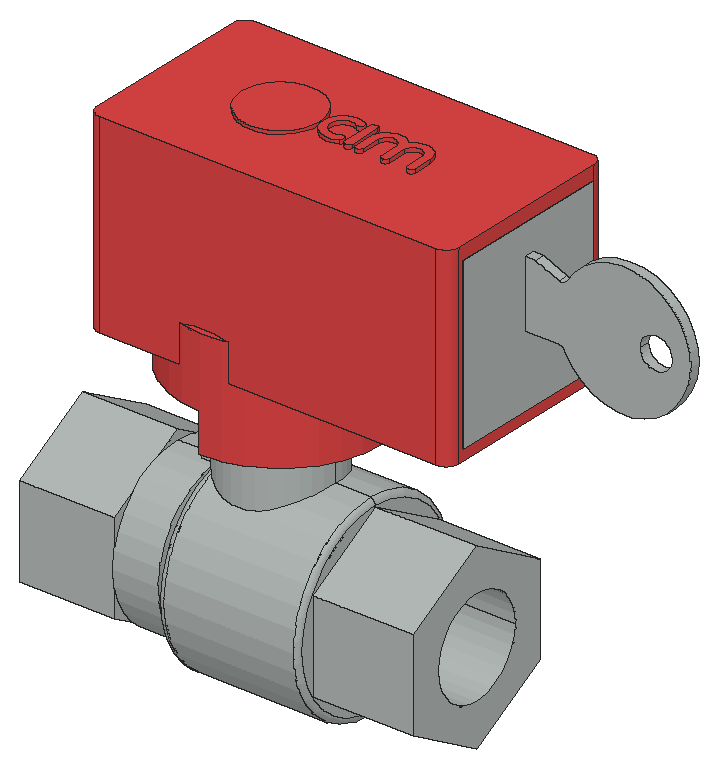
Revit family "QA00760000", category Apparecchi idraulici, Revit 2020
Family settings
  Quota connettore circolare = Usa diametro
  Tipo di parte = Normale
  Numero OmniClass = 23.45.00.00
  Titolo OmniClass = Sanitary, Laundry, and Cleaning Equipment
  Basato su piano di lavoro = No
  Sempre verticale = Sì
  Taglio con vuoti quando caricato = No
  Condiviso = No
  Punto di calcolo locali = No
Parameters
  URL = "https://web.cimberio.com/index.php/figura/103?subcategoria_id="
  Temperatura di esercizio = "-20 ÷ 150°C"
  Prospetto di default = 0 mm
  Produttore = "CIMBERIO SPA"
  Pressione nominale = "PN 80 (1/2\"); PN 50 (3/4\" ÷ 1\")"
  Modello = "Cim 12SI"
  Materiale = "Prodotto in lega di ottone conforme alla norma EN 12165-CW617N-DW"
  Descrizione = "Utilizzato nei più svariati settori dell'impiantistica: impianti di riscaldamento, condizionamento, idrici, igienico-sanitari, aria compressa e in generale con ogni fluido non corrosivo"
  DN Model [instance] = QA00761015 : QA00761015
  DN [instance] = 15 mm
  Commenti sul tipo = "Realizzato in ottemperanza ai requisiti gestionali della norma EN ISO 9001.\r\nCollaudato al 100% secondo la normativa EN 12266-1"
Reference planes
  plane 1 "Centro (Fronte/Retro)": y = 0
  plane 2: z = 0
  plane 3 "Centro (Sinistra/Destra)": x = 0
Dimensions and locks
  aligned and locked: level to plane 2
Nested families
  nested 1: "QA00761015" at (0, 0, 0), type <- "DN Model", type "QA00761015"
  nested 2: "QA00761015" at (0, 0, 0), type <- "DN Model", type "QA00761015"
  nested 3: "QA00761015" at (0, 0, 0), type <- "DN Model", type "QA00761015"
Connectors
  piping at (30.3, 0, 0), diameter 15, driven by "DN"
    settings: on nested 1, index 1, connector inside diameter 609.6 mm, connector length 0 mm, flow factor 0, pipe flow 0.0 L/s, pressure drop 0.0 Pa, fitting loss kfactor 0, connector angle 0.00°, fixture units 0, engagement length 0 mm, angle of deflection 0.00°, flow configuration 0, flow direction 0, fitting loss method 0, system type 7, joint type 0, gender type 0, connector reference index -1, connector utility 0, adjustable connector no, is connector primary yes, connector description ""
  piping at (-30.6, 0, 0), diameter 15, driven by "DN"
    settings: on nested 1, index 2, connector inside diameter 609.6 mm, connector length 0 mm, flow factor 0, pipe flow 0.0 L/s, pressure drop 0.0 Pa, fitting loss kfactor 0, connector angle 0.00°, fixture units 0, engagement length 0 mm, angle of deflection 0.00°, flow configuration 0, flow direction 0, fitting loss method 0, system type 7, joint type 0, gender type 0, connector reference index -1, connector utility 0, adjustable connector no, is connector primary no, connector description ""
Definition of nested family "QA00761015"
  Parameters (values of type "QA00761015")
    Default Elevation = 0 mm
  Reference planes
    plane 1 "Centro (Fronte/Retro)": y = 0
    plane 2: z = 0
    plane 3 "Centro (Sinistra/Destra)": x = 0
  Forms (mm)
    Revolve 1, solid
      sketch origin (0, 0, 0) x (1, 0, 0) y (0, 0, 1)
        loop
          line (-16, -12.545) -> (-8.955, -12.545) -> (-6.756, -14.744)
          arc (-6.756, -14.744) -> (-6.422, -14.967) -> (-6.028, -15.045) r 1.03
          line (-6.028, -15.045) -> (13.91, -15.045)
          arc (13.91, -15.045) -> (14.382, -14.662) -> (14.6, -14.095) r 1.176
          line (14.6, -14.095) -> (14.6, -9.095) -> (-16, -9.095) -> (-16, -12.545)
        axis (-16, 0) -> (14.6, 0)
      angle from 0 to 360
    Extrusion 2, solid
      sketch origin (-16, 0, 0) x (0, 0, 1) y (0, 1, 0)
        loop
          circle (0, 0) r 7.5
        loop
          line (-14, 0) -> (-7, -12.124) -> (7, -12.124) -> (14, 0) -> (7, 12.124) -> (-7, 12.124) -> (-14, 0)
      from 0 to 14.6
    Extrusion 3, solid
      sketch origin (16, 0, 0) x (0, 0, 1) y (0, -1, 0)
        loop
          circle (0, 0) r 7.5
        loop
          line (-14, 0) -> (-7, -12.124) -> (7, -12.124) -> (14, 0) -> (7, 12.124) -> (-7, 12.124) -> (-14, 0)
      from -1.4 to 14.3
    Extrusion 4, solid
      sketch origin (0, 0, 28.55) x (1, 0, 0) y (0, 1, 0)
        loop
          circle (0, 0) r 8.45
        loop
          circle (0, 0) r 6.348
      from -20.832 to 5.337
    Revolve 5, solid
      sketch origin (0, 0, 0) x (1, 0, 0) y (0, 0, 1)
        loop
          line (0, 45.845) -> (-9.25, 45.845) -> (-15.5, 39.595) -> (-15.5, 22.845) -> (-8.92, 22.845) -> (-8.92, 33.247) -> (0, 33.247) -> (0, 45.845)
        axis (0, 45.845) -> (0, 22.845)
      angle from 0 to 360
    Extrusion 6, void
      sketch origin (0, 0, 28.55) x (1, 0, 0) y (0, 1, 0)
        loop
          line (-8.682, 0) -> (-18.061, 0)
          arc (-18.061, 0) -> (-14.891, -14.568) -> (0, -15.285) r 12.25
          line (0, -15.285) -> (0, -7.437)
          arc (0, -7.437) -> (-5.627, -5.22) -> (-8.682, 0) r 9.25
      from -7.705 to 0.295
    Extrusion 7, solid
      sketch origin (0, 0, 0) x (1, 0, 0) y (0, 0, 1)
        loop
          line (-13, 26.345) -> (-13, 21.045) -> (-11, 19.89) -> (-11, 11.799) -> (-6.613, 11.799) -> (-6.613, 26.345) -> (-13, 26.345)
      from 0 to 1.497
    Extrusion 8, solid
      sketch origin (0, 0, 50.345) x (0, 1, 0) y (-1, 0, 0)
        loop
          arc (15, 15.928) -> (14.415, 17.343) -> (13, 17.929) r 2
          line (13, 17.929) -> (-13, 17.929)
          arc (-13, 17.929) -> (-14.414, 17.344) -> (-15, 15.93) r 2
          line (-15, 15.93) -> (-15, -35.999)
          arc (-15, -35.999) -> (-14.415, -37.413) -> (-13.002, -38) r 2
          line (-13.002, -38) -> (12.998, -38)
          arc (12.998, -38) -> (14.414, -37.415) -> (15, -35.999) r 2
          line (15, -35.999) -> (15, 15.928)
      from -16.458 to 13.455
    Extrusion 9, solid
      sketch origin (0, 0, 0) x (0, 1, 0) y (0, 0, 1)
        loop
          line (-12.5, 61.813) -> (-12.5, 35.744) -> (12.5, 35.744) -> (12.5, 61.813) -> (-12.5, 61.813)
      from 36 to 38.28
    Extrusion 10, solid
      sketch origin (0, 0, 0) x (1, 0, 0) y (0, 0, 1)
        loop
          line (38.28, 57.338) -> (38.28, 47.002) -> (43.63, 47.002)
          arc (43.63, 47.002) -> (44.157, 46.852) -> (44.526, 46.446) r 1
          arc (44.526, 46.446) -> (63.954, 50.68) -> (44.828, 56.118) r 10.25
          arc (44.828, 56.118) -> (44.264, 55.664) -> (43.541, 55.709) r 1
          line (43.541, 55.709) -> (40.024, 57.338) -> (38.28, 57.338)
        loop
          circle (58.709, 51) r 2.5
      from -0.786 to 0.756
    Extrusion 11, solid
      sketch origin (0, 0, 49.8) x (0, 1, 0) y (-1, 0, 0)
        loop
          arc (2.037, -10.079) -> (2.237, -10.904) -> (3.062, -10.704) r 0.6
          arc (3.062, -10.704) -> (0.501, -6.142) -> (-2.061, -10.704) r 3
          arc (-2.061, -10.704) -> (-1.236, -10.904) -> (-1.036, -10.079) r 0.6
          arc (-1.036, -10.079) -> (0.501, -7.342) -> (2.037, -10.079) r 1.8
        loop
          line (2.901, -11.404) -> (-1.899, -11.404)
          arc (-1.899, -11.404) -> (-2.499, -12.004) -> (-1.899, -12.604) r 0.6
          line (-1.899, -12.604) -> (2.901, -12.604)
          arc (2.901, -12.604) -> (3.501, -12.004) -> (2.901, -11.404) r 0.6
        loop
          line (0.892, -13.104) -> (-1.899, -13.104)
          arc (-1.899, -13.104) -> (-2.499, -13.704) -> (-1.899, -14.304) r 0.6
          line (-1.899, -14.304) -> (0.892, -14.304)
          arc (0.892, -14.304) -> (2.301, -15.712) -> (0.892, -17.121) r 1.409
          line (0.892, -17.121) -> (-1.899, -17.121)
          arc (-1.899, -17.121) -> (-2.499, -17.721) -> (-1.899, -18.321) r 0.6
          line (-1.899, -18.321) -> (0.892, -18.321)
          arc (0.892, -18.321) -> (2.301, -19.73) -> (0.892, -21.138) r 1.409
          line (0.892, -21.138) -> (-1.9, -21.138)
          arc (-1.9, -21.138) -> (-2.499, -21.739) -> (-1.899, -22.338) r 0.6
          line (-1.899, -22.338) -> (0.892, -22.338)
          arc (0.892, -22.338) -> (3.346, -20.614) -> (2.556, -17.721) r 2.609
          arc (2.556, -17.721) -> (3.346, -14.828) -> (0.892, -13.104) r 2.609
      from 14 to 14.5
    Extrusion 12, solid
      sketch origin (0, 0, 49.8) x (0, 1, 0) y (-1, 0, 0)
        loop
          circle (0, 0) r 6
      from 14 to 14.5
  Cuts and joins
    Extrusion 6 cuts Revolve 5
    joined: Revolve 1, Extrusion 4, Extrusion 7
  Dimensions and locks
    aligned and locked: level to plane 2
